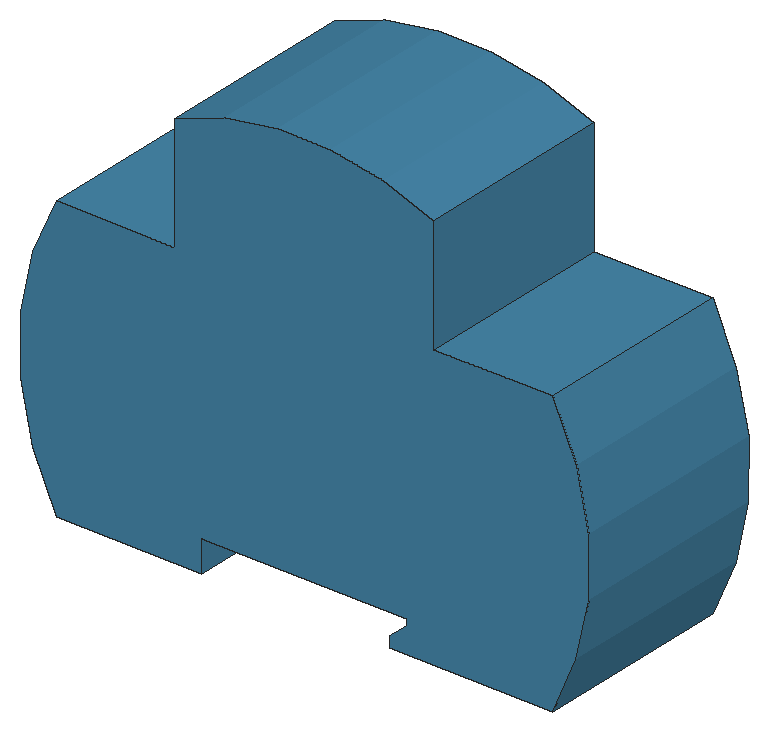
Revit family "Kombiableiter 1-polig NPE", category Generic Models, Revit 2015
Parameters (values of type "MCD 125-B NPE")
  Width 1 = 44.9 mm
  Width = 100 mm
  URL = "http://www.obo-bettermann.com"
  Material = PA6 MF15 BLAU
  Manufacturer Art.No. = "5096865"
  Manufacturer = "OBO Bettermann"
  Length = 35 mm
  Height 1 = 49.5 mm
  Height = 74.7 mm
  GTIN = "4012195541394"
  Article Type = "MCD 125-B NPE"
Reference planes
  plane 1 "Center (Front/Back)": y = 0
  plane 2: z = 0
  plane 3 "Center (Left/Right)": x = 0
  plane 4: z = 49.5
  plane 5: x = -50
  plane 6: x = 50
  plane 7: y = 35
  plane 8: z = 74.7
  plane 9: z = 69.7
Forms (mm)
  Extrusion 1, solid, material "PA6 MF15 BLAU" <- "Material"
    sketch origin (0, 0, 0) x (1, 0, 0) y (0, 0, 1)
      loop
        line (-18, 0.011) -> (-18, 5.5) -> (18, 5.5) -> (18, 4.48) -> (15, 1.772) -> (15, -0.016) -> (43.44, -0.016)
        arc (43.44, -0.016) -> (49.992, 24.724) -> (43.5, 49.481) r 50.213
        line (43.5, 49.481) -> (22.7, 49.481) -> (22.7, 69.7)
        arc (22.7, 69.7) -> (0, 74.7) -> (-22.7, 69.7) r 54.029
        line (-22.7, 69.7) -> (-22.7, 49.513) -> (-43.4, 49.513)
        arc (-43.4, 49.513) -> (-50.021, 24.767) -> (-43.44, 0.011) r 49.702
        line (-43.44, 0.011) -> (-18, 0.011)
    from -35 to 0
Dimensions and locks
  locked: Extrusion 1 sketch curve to level at 5.5
  locked: Extrusion 1 sketch curve to Extrusion 1 sketch curve at 36
  locked: plane 3 "Center (Left/Right)" to Extrusion 1 sketch curve at 18
  locked: Extrusion 1 sketch curve to Extrusion 1 sketch curve at 33
  locked: Extrusion 1 sketch curve to level at 1.772
  locked: Extrusion 1 sketch curve to Extrusion 1 sketch curve at 1.02
  locked: Extrusion 1 sketch curve to Extrusion 1 sketch curve at 86.88
  locked: plane 3 "Center (Left/Right)" to Extrusion 1 sketch curve at 43.44
  "Height 1": plane 4 to level
  locked: Extrusion 1 sketch curve to Extrusion 1 sketch curve at 86.9
  "Width": plane 6 to plane 5
  locked: plane 3 "Center (Left/Right)" to plane 5 at 50
  locked: plane 3 "Center (Left/Right)" to Extrusion 1 sketch curve at 43.4
  "Length": plane 1 "Center (Front/Back)" to plane 7
  locked: plane 8 to plane 9 at 5
  "Height": plane 8 to level
  radius of Extrusion 1 sketch curve = 54.029 mm
  radius of Extrusion 1 sketch curve = 49.702 mm
  radius of Extrusion 1 sketch curve = 50.213 mm
  aligned and locked: level to plane 2
  aligned and locked: plane 7 to Extrusion 1
  aligned and locked: plane 1 "Center (Front/Back)" to Extrusion 1
  aligned and locked: plane 9 to Extrusion 1 sketch curve  (x2)
Automatic sketch dimensions
  Extrusion 1 sketch curve to plane 3 "Center (Left/Right)" = 0 mm
  plane 4 to Extrusion 1 sketch curve = 0.013 mm
  Extrusion 1 sketch curve to Extrusion 1 sketch curve = 0.099 mm
  Extrusion 1 sketch curve to plane 4 = 0.019 mm
  Extrusion 1 sketch curve to level = 0.016 mm
  Extrusion 1 sketch curve to Extrusion 1 sketch curve = 4.056 mm
